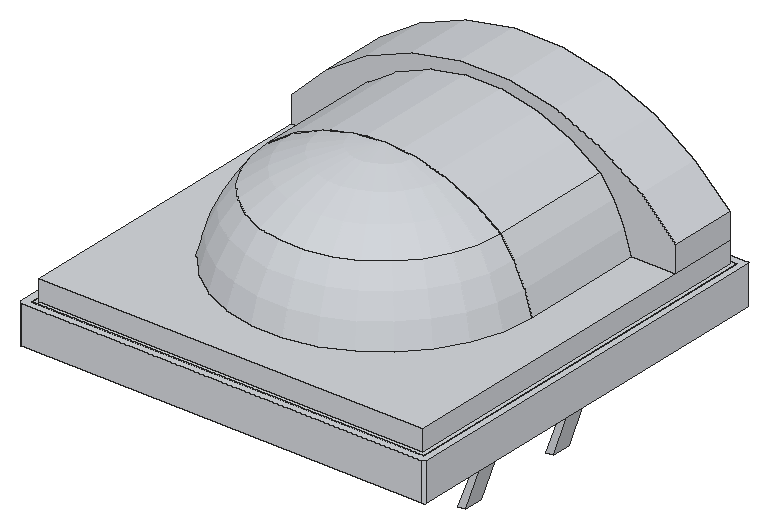
Revit family "Gira_537627", category Electrical Fixtures, host Face, Revit 2017
Family settings
  Host = Face
  Maintain Annotation Orientation = Yes
  Round Connector Dimension = Use Diameter
  Part Type = Normal
  Cut with Voids When Loaded = No
  Shared = No
  Room Calculation Point = No
Parameters (values of type "S3000 Beweg.m.aufs. 2,20 m Komfort BT System 55 Reinweiß m")
  Werkstoffgüte = "sonstige"
  Werkstoff = "sonstige"
  Vernetzbar = "No"
  Unterkriechschutz/Rückfeldüberwachung = "No"
  URL = "http://katalog.gira.de/de_DE/datenblatt.html?artikelnr=537627"
  Treppenhausüberwachung = "Yes"
  Tierschneise = "No"
  Region = "DE"
  RAL-Nummer (ähnlich) = "9010 "
  Name = "S3000 Beweg.m.aufs. 2,20 m Komfort BT System 55 Reinweiß m"
  Montagehöhe = "2,2 m"
  Montageart = "unter Putz"
  Min. Einschaltdauer = "10 s"
  Max. Reichweite zu einer Seite = "6 m"
  Max. Reichweite frontal = "12 m"
  Max. Einschaltdauer = "1800 s"
  Manufacturer URL = "https://www.gira.de/"
  Konstantlichtregelung = "No"
  Keynote = "Bewegungsmelder_2,20m"
  HeinzeBIM = "https://bimportal.heinze.de/bim/s3000-beweg-m-aufs-2-20-m-komfort-bt-system-55-reinweiss-m/7a1b15a21986c45e908e3132e32df4304d60fbe7"
  Halogenfrei = "Yes"
  HLK-Ansteuerung = "No"
  HAN = "537627"
  Geeignet für drahtlose Übertragung = "No"
  Geeignet für Schutzart (IP) = "IP20"
  GTIN = "4010337050612"
  Farbe = "weiß"
  Erfassungswinkel horizontal = "1 - 180"
  Default Elevation = 1219.2 mm
  Data sheet (1) = "https://katalog.gira.de/de_DE/download.html?artikelnr=537627"
  Category = "Bewegungsmelder-Sensor"
  Available = "Yes"
  Ausführung = "Bewegungsmelder"
  Ansprechhelligkeit einstellbar = "No"
  Ansprechempfindlichkeit einstellbar = "Yes"
  Abdimmfunktion mit Dimmeinsatz = "Yes"
Reference planes
  plane 1 "Center (Front/Back)": y = 0
  plane 2: z = 0
  plane 3 "Center (Left/Right)": x = 0
Forms (mm)
  Extrusion 1, solid, detail levels fine
    sketch origin (0, 0, 0) x (1, 0, 0) y (0, 0, 1)
      loop
        line (-33.25, 14.602) -> (-33.25, 10.1) -> (33.25, 10.1) -> (33.25, 14.602)
        arc (33.25, 14.602) -> (0, 30.256) -> (-33.25, 14.602) r 43.139
    from -33.25 to -21.609
  Extrusion 2, solid, detail levels fine
    sketch origin (0, 0, 0) x (1, 0, 0) y (0, 1, 0)
      loop
        line (-33.25, 33.25) -> (-33.25, -33.25) -> (33.25, -33.25) -> (33.25, 33.25) -> (-33.25, 33.25)
    from 6.6 to 10.1
  Extrusion 3, solid, detail levels fine
    sketch origin (0, 0, 0) x (1, 0, 0) y (0, 0, 1)
      loop
        arc (20.138, 21.225) -> (0, 28.457) -> (-20.138, 21.225) r 31.652
        arc (-20.138, 21.225) -> (-23.48, 15.984) -> (-25.486, 10.1) r 26.053
        line (-25.486, 10.1) -> (25.486, 10.1)
        arc (25.486, 10.1) -> (23.48, 15.984) -> (20.138, 21.225) r 26.053
    from -21.609 to 0
  Revolve 4, solid, detail levels fine
    sketch origin (0, 0, 0) x (1, 0, 0) y (0, 0, 1)
      loop
        arc (0, 28.457) -> (-10.699, 26.594) -> (-20.138, 21.225) r 31.652
        arc (-20.138, 21.225) -> (-23.48, 15.984) -> (-25.486, 10.1) r 26.053
        line (-25.486, 10.1) -> (0, 10.1) -> (0, 28.457)
      axis (0, 28.457) -> (0, 10.1)
    angle from -180 to 0
  Extrusion 5, solid, detail levels fine
    sketch origin (0, 0, 0) x (1, 0, 0) y (0, 1, 0)
      loop
        spline (-34.7, 35.2) -> (-34.765, 35.196) -> (-34.829, 35.183) -> (-34.891, 35.162) -> (-34.95, 35.133) -> (-35.004, 35.097) -> (-35.054, 35.054) -> (-35.097, 35.004) -> (-35.133, 34.95) -> (-35.162, 34.891) -> (-35.183, 34.829) -> (-35.196, 34.765) -> (-35.2, 34.7)
        line (-35.2, 34.7) -> (-35.2, -34.7)
        spline (-35.2, -34.7) -> (-35.196, -34.765) -> (-35.183, -34.829) -> (-35.162, -34.891) -> (-35.133, -34.95) -> (-35.097, -35.004) -> (-35.054, -35.054) -> (-35.004, -35.097) -> (-34.95, -35.133) -> (-34.891, -35.162) -> (-34.829, -35.183) -> (-34.765, -35.196) -> (-34.7, -35.2)
        line (-34.7, -35.2) -> (34.7, -35.2)
        spline (34.7, -35.2) -> (34.765, -35.196) -> (34.829, -35.183) -> (34.891, -35.162) -> (34.95, -35.133) -> (35.004, -35.097) -> (35.054, -35.054) -> (35.097, -35.004) -> (35.133, -34.95) -> (35.162, -34.891) -> (35.183, -34.829) -> (35.196, -34.765) -> (35.2, -34.7)
        line (35.2, -34.7) -> (35.2, 34.7)
        spline (35.2, 34.7) -> (35.196, 34.765) -> (35.183, 34.829) -> (35.162, 34.891) -> (35.133, 34.95) -> (35.097, 35.004) -> (35.054, 35.054) -> (35.004, 35.097) -> (34.95, 35.133) -> (34.891, 35.162) -> (34.829, 35.183) -> (34.765, 35.196) -> (34.7, 35.2)
        line (34.7, 35.2) -> (-34.7, 35.2)
      loop
        line (-33.986, 33.986) -> (-33.986, -33.986) -> (33.986, -33.986) -> (33.986, 33.986) -> (-33.986, 33.986)
    from 0 to 6.6
  Extrusion 6, solid, detail levels fine
    sketch origin (0, 0, 0) x (1, 0, 0) y (0, 1, 0)
      loop
        line (-33.986, 33.986) -> (-33.986, -33.986) -> (33.986, -33.986) -> (33.986, 33.986) -> (-33.986, 33.986)
    from 5 to 6.6
  Extrusion 7, solid
    sketch origin (0, 0, 0) x (1, 0, 0) y (0, 1, 0)
      loop
        line (-23.656, 22.752) -> (-23.656, -22.748)
        arc (-23.656, -22.748) -> (-23.409, -23.369) -> (-22.801, -23.65) r 0.904
        line (-22.801, -23.65) -> (22.796, -23.65)
        arc (22.796, -23.65) -> (23.404, -23.369) -> (23.656, -22.748) r 0.904
        line (23.656, -22.748) -> (23.652, 22.752)
        arc (23.652, 22.752) -> (23.404, 23.374) -> (22.796, 23.655) r 0.904
        line (22.796, 23.655) -> (-22.801, 23.655)
        arc (-22.801, 23.655) -> (-23.409, 23.374) -> (-23.656, 22.752) r 0.904
    from -3.2 to 5
  Extrusion 8, solid, detail levels fine
    sketch origin (0, 0, 0) x (1, 0, 0) y (0, 1, 0)
      loop
        line (-27.334, -25) -> (-26.366, -25) -> (-26.366, 26.298) -> (26.366, 26.298) -> (26.366, -25) -> (27.334, -25) -> (27.334, 27.402) -> (-27.334, 27.402) -> (-27.334, -25)
    from -1.1 to 5
  Extrusion 9, solid, detail levels fine
    sketch origin (0, 0, 0) x (1, 0, 0) y (0, 1, 0)
      loop
        line (-5.141, 20.682) -> (-5.141, 15.098)
        spline (-5.141, 15.098) -> (-5.133, 14.968) -> (-5.107, 14.84) -> (-5.065, 14.716) -> (-5.007, 14.599) -> (-4.935, 14.49) -> (-4.849, 14.391) -> (-4.75, 14.305) -> (-4.641, 14.233) -> (-4.524, 14.175) -> (-4.4, 14.133) -> (-4.272, 14.107) -> (-4.142, 14.099)
        line (-4.142, 14.099) -> (4.142, 14.099)
        spline (4.142, 14.099) -> (4.272, 14.107) -> (4.4, 14.133) -> (4.524, 14.175) -> (4.641, 14.233) -> (4.75, 14.305) -> (4.849, 14.391) -> (4.935, 14.49) -> (5.007, 14.599) -> (5.065, 14.716) -> (5.107, 14.84) -> (5.133, 14.968) -> (5.141, 15.098)
        line (5.141, 15.098) -> (5.141, 20.682)
        spline (5.141, 20.682) -> (5.133, 20.812) -> (5.107, 20.94) -> (5.065, 21.064) -> (5.007, 21.181) -> (4.935, 21.29) -> (4.849, 21.389) -> (4.75, 21.475) -> (4.641, 21.547) -> (4.524, 21.605) -> (4.4, 21.647) -> (4.272, 21.673) -> (4.142, 21.681)
        line (4.142, 21.681) -> (-4.142, 21.681)
        spline (-4.142, 21.681) -> (-4.272, 21.673) -> (-4.4, 21.647) -> (-4.524, 21.605) -> (-4.641, 21.547) -> (-4.75, 21.475) -> (-4.849, 21.389) -> (-4.935, 21.29) -> (-5.007, 21.181) -> (-5.065, 21.064) -> (-5.107, 20.94) -> (-5.133, 20.812) -> (-5.141, 20.682)
    from -19.6 to -3.2
  Extrusion 10, solid, detail levels fine
    sketch origin (0, 0, 0) x (1, 0, 0) y (0, 0, 1)
      loop
        line (-24.966, -3.825) -> (-25.395, -8.726) -> (-23.048, -15.543) -> (-21.665, -15.713) -> (-24.338, -8.563) -> (-23.422, -1.1) -> (-25.014, -1.1) -> (-24.966, -3.825)
      loop
        line (24.966, -3.825) -> (25.014, -1.1) -> (23.422, -1.1) -> (24.338, -8.563) -> (21.665, -15.713) -> (23.048, -15.543) -> (25.395, -8.726) -> (24.966, -3.825)
    from -11.1 to -7.9
  Extrusion 11, solid, detail levels fine
    sketch origin (0, 0, 0) x (1, 0, 0) y (0, 0, -1)
      loop
        line (-24.966, 3.825) -> (-25.014, 1.1) -> (-23.422, 1.1) -> (-24.338, 8.563) -> (-21.665, 15.713) -> (-23.048, 15.543) -> (-25.395, 8.726) -> (-24.966, 3.825)
      loop
        line (24.966, 3.825) -> (25.395, 8.726) -> (23.048, 15.543) -> (21.665, 15.713) -> (24.338, 8.563) -> (23.422, 1.1) -> (25.014, 1.1) -> (24.966, 3.825)
    from -11.1 to -7.9
  Extrusion 12, solid
    sketch origin (0, 0, 0) x (1, 0, 0) y (0, 1, 0)
      loop
        line (-23.656, 22.752) -> (-23.656, -22.748)
        arc (-23.656, -22.748) -> (-23.409, -23.369) -> (-22.801, -23.65) r 0.904
        line (-22.801, -23.65) -> (22.796, -23.65)
        arc (22.796, -23.65) -> (23.404, -23.369) -> (23.656, -22.748) r 0.904
        line (23.656, -22.748) -> (23.652, 22.752)
        arc (23.652, 22.752) -> (23.404, 23.374) -> (22.796, 23.655) r 0.904
        line (22.796, 23.655) -> (-22.801, 23.655)
        arc (-22.801, 23.655) -> (-23.409, 23.374) -> (-23.656, 22.752) r 0.904
    from -3.2 to 5
  Extrusion 13, solid, detail levels medium
    sketch origin (0, 0, 0) x (1, 0, 0) y (0, 1, 0)
      loop
        line (-35.2, 35.2) -> (-35.2, -35.2) -> (35.2, -35.2) -> (35.2, 35.2) -> (-35.2, 35.2)
    from 0 to 6.6
  Extrusion 14, solid, detail levels medium
    sketch origin (0, 0, 0) x (1, 0, 0) y (0, 1, 0)
      loop
        line (-33.25, 33.25) -> (-33.25, -33.25) -> (33.25, -33.25) -> (33.25, 33.25) -> (-33.25, 33.25)
    from 6.6 to 30.256
  Extrusion 15, solid, detail levels medium
    sketch origin (0, 0, 0) x (1, 0, 0) y (0, 1, 0)
      loop
        line (-23.656, 23.655) -> (-23.656, -23.65) -> (23.656, -23.65) -> (23.656, 23.655) -> (-23.656, 23.655)
    from -3.2 to 5
  Extrusion 16, solid, detail levels medium
    sketch origin (0, 0, 0) x (1, 0, 0) y (0, 0, 1)
      loop
        line (-25.014, -1.1) -> (-25.014, -15.713) -> (-21.665, -15.713) -> (-21.665, -1.1) -> (-25.014, -1.1)
      loop
        line (25.014, -1.1) -> (21.665, -1.1) -> (21.665, -15.713) -> (25.014, -15.713) -> (25.014, -1.1)
    from -11.1 to -7.9
  Extrusion 17, solid, detail levels medium
    sketch origin (0, 0, 0) x (1, 0, 0) y (0, 0, -1)
      loop
        line (-25.014, 1.1) -> (-21.665, 1.1) -> (-21.665, 15.713) -> (-25.014, 15.713) -> (-25.014, 1.1)
      loop
        line (25.014, 1.1) -> (25.014, 15.713) -> (21.665, 15.713) -> (21.665, 1.1) -> (25.014, 1.1)
    from -11.1 to -7.9
  Extrusion 18, solid, detail levels medium
    sketch origin (0, 0, 0) x (1, 0, 0) y (0, 1, 0)
      loop
        line (-5.141, 14.099) -> (5.141, 14.099) -> (5.141, 21.681) -> (-5.141, 21.681) -> (-5.141, 14.099)
    from -19.6 to -3.2
  Extrusion 19, solid, detail levels coarse
    sketch origin (0, 0, 0) x (1, 0, 0) y (0, 1, 0)
      loop
        line (-35.2, 35.2) -> (-35.2, -35.2) -> (35.2, -35.2) -> (35.2, 35.2) -> (-35.2, 35.2)
    from -19.6 to 30.256
Dimensions and locks
  aligned and locked: plane 2 to host face
  aligned and locked: level to host face
  aligned and locked: nested 1 to plane 3 "Center (Left/Right)"
  aligned and locked: plane 1 "Center (Front/Back)" to nested 1
Nested families
  nested 1: "Belegungssensor - Bewegung - Aufputz - Beschriftung" at (0, 0, 0) x (0, -1, 0) z (0, 0, 1), type "Belegungssensor - Bewegung - Aufputz - Beschriftung"
Connectors
  electrical at (0, 0, -19.6)
    settings: on Extrusion 19, index 1, voltage 220 V, apparent load 0 VA, apparent load phase1 0 VA, apparent load phase2 0 VA, apparent load phase3 0 VA, power factor 1, load classification "Other", number of poles 1, system type 30, power factor state 1, is connector primary yes, connector utility no, sub classification motor no, connector description ""
Definition of nested family "Belegungssensor - Bewegung - Aufputz - Beschriftung"
  Reference planes
    plane 1: y = 0
    plane 2: x = 0
  Lines and regions (mm)
    Filled region 1, type "Gefüllter Bereich 1"
      outline origin (143.425, -20.712, 0) x (1, 0, 0) y (0, 1, 0)
        loop
          line (-148.697, 21.204) -> (-148.697, 20.409) -> (-147.583, 20.807) -> (-148.697, 21.204)
    Filled region 2, type "Gefüllter Bereich 1"
      outline origin (141.808, 30.001, 0) x (0.939693, 0.34202, 0) y (-0.34202, 0.939693, 0)
        loop
          line (-148.694, 21.203) -> (-148.694, 20.41) -> (-147.583, 20.807) -> (-148.694, 21.203)
    Filled region 3, type "Gefüllter Bereich 1"
      outline origin (141.819, -29.825, 0) x (-0.34202, -0.939693, 0) y (0.939693, -0.34202, 0)
        loop
          line (21.204, -148.697) -> (20.807, -147.583) -> (20.409, -148.697) -> (21.204, -148.697)
    detail lines
      curve 1: line (-1.207, 0.095, 0) -> (-3.486, 1.411, 0)
      curve 2: line (-1.207, 0.095, 0) -> (-3.486, -1.221, 0)
      curve 5: arc (-3.252, 1.752, 0) -> (-3.839, 0.095, 0) -> (-3.252, -1.562, 0) r 2.632
      curve 6: line (-6, 3, 0) -> (0, 3, 0)
      curve 7: line (-6, -3, 0) -> (-6, 3, 0)
      curve 8: line (0, -3, 0) -> (-6, -3, 0)
      curve 9: line (0, 3, 0) -> (0, -3, 0)
    reference lines
      curve 3: line (-1.207, 0.095, 0) -> (-3.616, 2.046, 0)
      curve 4: line (-1.207, 0.095, 0) -> (-3.616, -1.856, 0)
  Dimensions and locks
    curve 1 to curve 1 = 2.632 mm
    curve 2 to curve 2 = 2.632 mm
    curve 6 to curve 8 = 6 mm
    curve 7 to curve 9 = 6 mm
    angle curve 1 to curve 2 = 60.00°
    aligned and locked: curve 6 to curve 7
    aligned and locked: curve 9 to curve 9
